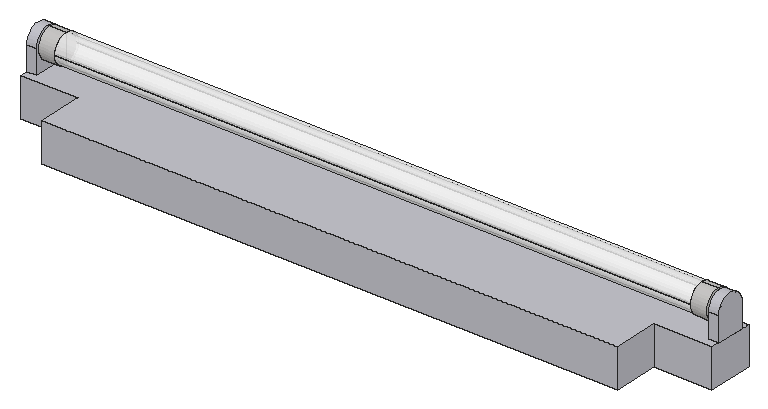
Revit family "SS3-1", category Lighting Fixtures, host Face, Revit 2012
Parameters (values of type "SS3-1")
  Wattage Comments = "17w-32w"
  Wattage = 32 W
  built-in parameter 1150110 = 1 (stored number, unit not read)
  URL = "http://www.columbialighting.com"
  built-in parameter 1114217 = 1 (stored number, unit not read)
  Tilt Angle = -90.00°
  built-in parameter 1150109 = 1 (stored number, unit not read)
  built-in parameter 1150134 = 3
  built-in parameter 1150113 = 1 (stored number, unit not read)
  Product Specification Sheet = "http://www.columbialighting.com/products/ss"
  Product Page URL = "http://www.columbialighting.com/content/products/specs/specs_files/ss.pdf"
  Photometric Web File = "generic"
  built-in parameter 1150142 = (empty or 0)
  Model = "SS3-1"  # constant formula
  Manufacturer Phone = "(864)-678-1000"  # constant formula
  Manufacturer Fax = "(864)-678-1065"  # constant formula
  Manufacturer = "Columbia Lighting"  # constant formula
  built-in parameter 1150105 = 378.26 (stored number, unit not read)
  Lumens = 4753.34 lm
  built-in parameter 1150115 = 1 (stored number, unit not read)
  built-in parameter 1150137 = (empty or 0)
  built-in parameter 1150139 = (empty or 0)
  built-in parameter 1150112 = 1 (stored number, unit not read)
  built-in parameter 1150114 = 1 (stored number, unit not read)
  Lamp = "1"
  built-in parameter 1150132 = (empty or 0)
  built-in parameter 1150102 = (empty or 0)
  built-in parameter 1150107 = 3200 (stored number, unit not read)
  built-in parameter 1150138 = (empty or 0)
  built-in parameter 1150106 = 3.7826 (stored number, unit not read)
  Glass = Glass
  Finish 2 = Fixture
  Finish = Steel
  Emit from Line Length = 30"
  built-in parameter 1150104 = 13.8 (stored number, unit not read)
  Dimming Lamp Color Temperature Shift = <None>
  Description = "Staggered Strip / 1 Lamp T8 "  # constant formula
  Default Elevation = 48"
  Color Filter = 16777215
  built-in parameter 1114218 = 1 (stored number, unit not read)
  built-in parameter 1150133 = 10 (stored number, unit not read)
  Apparent Load = 0 VA
Reference planes (in)
  plane 1 "Center (Front/Back)": y = 0
  plane 2: z = 0
  plane 3 "Center (Left/Right)": x = 0
  plane 4: y = 2.375
  plane 5: y = -2.375
  plane 6: x = -18
  plane 7: x = 18
  plane 8: x = 15
  plane 9: x = -15
  plane 10: z = -2
  plane 11: z = 2
  plane 12: x = 17.5
  plane 13: x = -17.5
Forms (in)
  Extrusion 1, solid, material "Steel" <- "Finish"
    sketch origin (0, 0, 0) x (1, 0, 0) y (0, 1, 0)
      loop
        line (-15, 0) -> (-15, -2.375) -> (15, -2.375) -> (15, 0) -> (18, 0) -> (18, 2.375) -> (-18, 2.375) -> (-18, 0) -> (-15, 0)
    from 0 to -2
  Extrusion 2, void
    sketch origin (0, 0, 0) x (1, 0, 0) y (0, 1, 0)
      loop
        line (-18, 2.375) -> (-18, 0) -> (-15, 0) -> (-15, -2.375) -> (15, -2.375) -> (15, 0) -> (18, 0) -> (18, 2.375) -> (-18, 2.375)
    from -2 to 0
  Extrusion 3, solid, material "Steel" <- "Finish"
    sketch origin (0, 0, 0) x (0, 1, 0) y (0, 0, 1)
      loop
        line (1.9375, 0) -> (1.9375, 1.25)
        arc (1.9375, 1.25) -> (1.1875, 2) -> (0.4375, 1.25) r 0.75
        line (0.4375, 1.25) -> (0.4375, 0) -> (1.9375, 0)
    from 17.5 to 18
  Extrusion 4, solid, material "Steel" <- "Finish"
    sketch origin (0, 0, 0) x (0, 1, 0) y (0, 0, -1)
      loop
        line (1.9375, 0) -> (0.4375, 0) -> (0.4375, -1.25)
        arc (0.4375, -1.25) -> (1.1875, -2) -> (1.9375, -1.25) r 0.75
        line (1.9375, -1.25) -> (1.9375, 0)
    from 17.5 to 18
  Extrusion 5, solid, material "Glass" <- "Glass"
    sketch origin (0, 0, 0) x (0, 1, 0) y (0, 0, 1)
      loop
        circle (1.1875, 1.25) r 0.75
      loop
        circle (1.1875, 1.25) r 0.63933
    from -16.54163 to 16.54163
  Revolve 6, solid, material "Fixture" <- "Finish 2"
    sketch origin (0, 1.1875, -0.00484) x (1, 0, 0) y (0, 0, 1)
      loop
        line (-17.4, 2) -> (-17.4, 1.5) -> (-17.5, 1.5) -> (-17.5, 1.25) -> (-16.54163, 1.25) -> (-16.54163, 2) -> (-17.4, 2)
      loop
        line (17.4, 2) -> (16.54163, 2) -> (16.54163, 1.25) -> (17.5, 1.25) -> (17.5, 1.5) -> (17.4, 1.5) -> (17.4, 2)
      axis (17.5, 1.25) -> (-17.5, 1.25)
    angle from 0 to 360
Dimensions and locks (in)
  locked: plane 4 to plane 5 at 4.75
  equal spacing: plane 5, plane 1 "Center (Front/Back)", plane 4, locked at 2.375 each
  locked: plane 6 to plane 3 "Center (Left/Right)" at 18
  locked: plane 7 to plane 3 "Center (Left/Right)" at 18
  plane 9 to plane 3 "Center (Left/Right)" to plane 8 = 15" locked, 15" locked
  locked: plane 10 to plane 2 at 2
  locked: plane 11 to plane 2 at 2
  locked: Extrusion 3 sketch curve to Extrusion 3 sketch curve at 1.5
  locked: Extrusion 4 sketch curve to Extrusion 4 sketch curve at 1.5
  Revolve 6 sketch curve to Revolve 6 sketch curve to Revolve 6 sketch curve = 0.1" locked, 0.85837" locked
  Revolve 6 sketch curve to Revolve 6 sketch curve to Revolve 6 sketch curve = 0.85837" locked, 0.1" locked
  radius of Extrusion 3 sketch curve = 3/4"
  radius of Extrusion 4 sketch curve = 3/4"
  aligned and locked: plane 2 to host face
  aligned and locked: level to host face
  aligned and locked: plane 6 to Extrusion 1 sketch curve
  aligned and locked: Extrusion 1 sketch curve to plane 1 "Center (Front/Back)"  (x2)
  aligned and locked: plane 9 to Extrusion 1 sketch curve
  aligned and locked: Extrusion 1 sketch curve to plane 5
  aligned and locked: plane 8 to Extrusion 1 sketch curve
  aligned and locked: plane 7 to Extrusion 1 sketch curve
  aligned and locked: Extrusion 1 sketch curve to plane 4
  aligned and locked: Extrusion 2 sketch curve to Extrusion 1  (x8)
  aligned and locked: level to Extrusion 2
  aligned and locked: Extrusion 2 to plane 10
  aligned and locked: Extrusion 1 to plane 10
  aligned and locked: level to Extrusion 1
  aligned and locked: Extrusion 3 sketch curve to Extrusion 1
  aligned and locked: Extrusion 3 to plane 7
  aligned and locked: plane 12 to Extrusion 3
  aligned and locked: Extrusion 1 to Extrusion 3
  aligned and locked: Extrusion 4 to plane 6
  aligned and locked: Extrusion 4 to plane 13
Automatic sketch dimensions
  host sketch curve to host sketch curve = 96"
  host sketch curve to host sketch curve = 123.14567"
  Extrusion 3 sketch curve to plane 11 = 3/4"
  Extrusion 4 sketch curve to level = 0"
  Extrusion 4 sketch curve to plane 11 = 3/4"
  Extrusion 4 sketch curve to plane 1 "Center (Front/Back)" = 7/16"
  Extrusion 3 sketch curve to plane 1 "Center (Front/Back)" = 7/16"
  plane 13 to Revolve 6 sketch curve = 0"
  plane 12 to Revolve 6 sketch curve = 0"
  Revolve 6 sketch curve to plane 6 = 0.7308"
  Revolve 6 sketch curve to Revolve 6 sketch curve = 0"  (x2)
  Revolve 6 sketch curve to plane 11 = 0.75484"  (x2)
  Revolve 6 sketch curve to Revolve 6 sketch curve = 1/4"  (x2)
  Revolve 6 sketch curve to plane 11 = 0.00484"  (x2)
  Extrusion 5 sketch curve to Extrusion 5 sketch curve = 0"  (x2)
  Extrusion 5 sketch curve to plane 1 "Center (Front/Back)" = 1 3/16"
  Extrusion 5 sketch curve to plane 11 = 3/4"
  radius of Extrusion 5 sketch curve = 3/4"
  radius of Extrusion 5 sketch curve = 0.63933"
Connectors (in)
  electrical at (0, 0, -2), driven by "Description"
    settings: on Extrusion 1, index 1, voltage 0 V, apparent load 0 VA, apparent load phase1 0 VA, apparent load phase2 0 VA, apparent load phase3 0 VA, power factor 1, load classification "Other", number of poles 1, system type 30, power factor state 1, is connector primary yes, connector utility no, sub classification motor no, connector description "Staggered Strip / 1 Lamp T8 "
